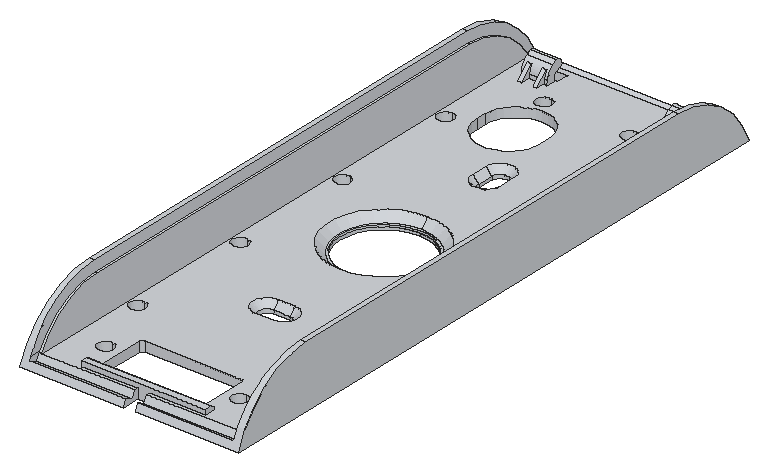
Revit family "Shower-Controler_Mounting_Bracket-KOHLER-DTV_Prompt-K-559", category Specialty Equipment, host Face, Revit 2022
Family settings
  Host = Face
  Round Connector Dimension = Use Diameter
  Part Type = Normal
  OmniClass Number = 23.31.25.00
  OmniClass Title = Toilet and Bath Specialties
  Cut with Voids When Loaded = No
  Maintain Annotation Orientation = No
  Shared = No
  Room Calculation Point = No
Parameters (values of type "CP-Polished Chrome")
  Width = 2 11/16"  # constant formula
  WaterSense Certified = 1 = 0  # no
  URL = "https://www.us.kohler.com/us/"
  Type = 1
  Product Page URL = "http://www.us.kohler.com/us/catalog/productDetails.jsp?productId=559"
  Product Name = "DTV Prompt"  # constant formula
  Product Documentation Link = "https://www.us.kohler.com/webassets/kpna/catalog/pdf/en/K-559_spec_US-CA_Kohler_en.pdf"
  Model = if(Type = 1, "K-559-CP", if(Type = 2, "K-559-SN", if(Type = 3, "K-559-BN", if(Type = 4, "K-559-BL", if(Type = 5, "K-559-2MB", if(Type = 6, "K-559-TT", "NA"))))))  # "K-559-CP"
  Material = "Premium Metal Construction"  # constant formula
  Master Format 2014 Name = "Toilet, Bath, and Laundry Accessories"  # constant formula
  Master Format 2014 = "10 28 00"  # constant formula
  Manufacturer Address = "444 Highland Dr, Kohler, WI 53044"  # constant formula
  Manufacturer = "Kohler Co."  # constant formula
  Length = 3/4"  # constant formula
  Height = 7 13/16"  # constant formula
  Finish = Kohler-Metal-CP-Polished_Chrome
  Environmental Product Declaration = ""
  Description = "interface mounting bracket"  # constant formula
  Default Elevation = 60"
  Declare Label = ""
  Date Modified = "04/05/2022"  # constant formula
  Date Created = "04/05/2022"  # constant formula
  Copyright = "Copyright Kohler Co."  # constant formula
  Contact Us = "https://www.us.kohler.com/us/static/contact.jsp"
  Assembly Code = "C1030200"
  ADA Compliant = 1 = 0  # no
Types (7): name | Type | Model | Finish
  (no name) | 1 | "K-559-CP" | Kohler-Metal-CP-Polished_Chrome
  CP-Polished Chrome | 1 | "K-559-CP" | Kohler-Metal-CP-Polished_Chrome
  SN-Vibrant Polished Nickel | 2 | "K-559-SN" | Kohler-Metal-SN-Vibrant_Polished_Nickel
  BN-Vibrant Brushed Nickel | 3 | "K-559-BN" | Kohler-Metal-BN-Vibrant_Brushed_Nickel
  BL-Matte Black | 4 | "K-559-BL" | Kohler-Metal-BL-Matte_Black
  2MB-Vibrant Brushed Moderne Brass | 5 | "K-559-2MB" | Kohler-Metal-2MB-Vibrant_Brushed_Moderne_Brass
  TT-Vibrant Titanium | 6 | "K-559-TT" | Kohler-Metal-TT-Vibrant_Titanium
Reference planes (in)
  plane 1 "Center (Front/Back)": y = 0
  plane 2: z = 0
  plane 3 "Center (Left/Right)": x = 0
  plane 4: x = -1.08268
  plane 5: x = -1.34375
  plane 6: x = 1.08268
  plane 7: x = 1.34375
  plane 8: y = 3.10947
  plane 9: y = -3.24141
  plane 10: y = 3.90625
  plane 11: y = -3.90625
  plane 12: z = 0.75
  plane 13: z = -0.03937
Forms (in)
  Extrusion 1, void
    sketch origin (0, 0, 0) x (1, 0, 0) y (0, 1, 0)
      loop
        circle (0, 0) r 0.72266
    from -0.0611 to 0.20387
Dimensions and locks (in)
  "Width": plane 5 to plane 7
  "Height": plane 11 to plane 10
  "Length": plane 12 to level
  aligned and locked: plane 2 to host face
  aligned and locked: level to host face
Automatic sketch dimensions
  host sketch curve to host sketch curve = 96"  (x2)
  plane 1 "Center (Front/Back)" to Extrusion 1 sketch curve = 0"
  Extrusion 1 sketch curve to plane 3 "Center (Left/Right)" = 0"
  radius of Extrusion 1 sketch curve = 185/256"
Nested families (in)
  nested 1: "K-559" at (0, 0, 0), type "K-559"
Definition of nested family "K-559"
  Parameters (values of type "K-559")
    Material = none
    Default Elevation = 0"
  Reference planes (in)
    plane 1 "Center (Front/Back)": y = 0
    plane 2: z = 0
    plane 3 "Center (Left/Right)": x = 0
    plane 4: x = -1.34375
    plane 5: x = 1.34375
    plane 6: y = 3.90625
    plane 7: y = -3.90625
    plane 8: z = 0.75
    plane 9: z = -0.03937
    plane 10: y = -3.24141
    plane 11: x = -1.08268
    plane 12: x = 1.08268
    plane 13: y = 3.10947
  Forms (in)
    Extrusion 1, solid, material <- "Material", detail levels medium+fine
      sketch origin (0, 0, 0) x (1, 0, 0) y (0, 0, 1)
        loop
          line (-1.34375, 0) -> (1.34375, 0) -> (1.3275, 0.75) -> (1.26338, 0.75) -> (1.25235, 0.11811) -> (-1.25235, 0.11811) -> (-1.26338, 0.75) -> (-1.3275, 0.75) -> (-1.34375, 0)
      from -3.90625 to 3.90625
    Extrusion 2, void
      sketch origin (0, 0, 0) x (0, 1, 0) y (0, 0, 1)
        loop
          line (-3.90625, 0.75) -> (-3.90625, 0)
          arc (-3.90625, 0) -> (-3.50338, 0.54315) -> (-2.85955, 0.75) r 1.10539
          line (-2.85955, 0.75) -> (-3.90625, 0.75)
        loop
          line (3.90625, 0.75) -> (2.85955, 0.75)
          arc (2.85955, 0.75) -> (3.50338, 0.54315) -> (3.90625, 0) r 1.10539
          line (3.90625, 0) -> (3.90625, 0.75)
      from -2.66535 to 1.70895
    Extrusion 3, void
      sketch origin (0, 0, 0) x (0, 1, 0) y (0, 0, 1)
        loop
          arc (-3.77565, 0.03708) -> (-3.75519, 0.07808) -> (-3.73289, 0.11811) r 1.01272
          line (-3.73289, 0.11811) -> (-3.85839, 0.11811)
          arc (-3.85839, 0.11811) -> (-3.86641, 0.10081) -> (-3.87413, 0.08338) r 1.10539
          line (-3.87413, 0.08338) -> (-3.77565, 0.03708)
        loop
          line (3.77565, 0.03708) -> (3.87413, 0.08338)
          arc (3.87413, 0.08338) -> (3.86641, 0.10081) -> (3.85839, 0.11811) r 1.10539
          line (3.85839, 0.11811) -> (3.73289, 0.11811)
          arc (3.73289, 0.11811) -> (3.75519, 0.07808) -> (3.77565, 0.03708) r 1.01272
      from -1.25234 to 1.25235
    Extrusion 4, solid, material <- "Material", detail levels medium+fine
      sketch origin (0, 0, 0) x (0, 1, 0) y (0, 0, 1)
        loop
          line (2.85955, 0.61811) -> (-2.85955, 0.61811)
          arc (-2.85955, 0.61811) -> (-3.36272, 0.48426) -> (-3.73289, 0.11811) r 1.01272
          line (-3.73289, 0.11811) -> (3.73289, 0.11811)
          arc (3.73289, 0.11811) -> (3.36272, 0.48426) -> (2.85955, 0.61811) r 1.01272
      from -1.27794 to -1.19562
    Extrusion 5, solid, material <- "Material", detail levels medium+fine
      sketch origin (0, 0, 0) x (0, 1, 0) y (0, 0, -1)
        loop
          arc (2.85955, -0.61811) -> (3.36272, -0.48426) -> (3.73289, -0.11811) r 1.01272
          line (3.73289, -0.11811) -> (-3.73289, -0.11811)
          arc (-3.73289, -0.11811) -> (-3.36272, -0.48426) -> (-2.85955, -0.61811) r 1.01272
          line (-2.85955, -0.61811) -> (2.85955, -0.61811)
      from -1.27794 to -1.18874
    Extrusion 6, void
      sketch origin (0, 0, 0) x (1, 0, 0) y (0, 0, 1)
        loop
          line (-1.2307, 0.6364) -> (-1.21219, 0.10639) -> (-1.17626, 0.10639) -> (-1.17626, 0.6364) -> (-1.2307, 0.6364)
        loop
          line (1.2307, 0.6364) -> (1.17626, 0.6364) -> (1.17626, 0.10639) -> (1.21219, 0.10639) -> (1.2307, 0.6364)
      from -4.20189 to 4.26106
    Extrusion 7, solid, material <- "Material", detail levels medium+fine
      sketch origin (0, 0, 0) x (0, 1, 0) y (0, 0, 1)
        loop
          line (-3.6122, 0.17716) -> (-3.69094, 0.17716) -> (-3.69094, 0.11132) -> (-3.56063, 0.11132) -> (-3.56063, 0.14278) -> (-3.6122, 0.17716)
      from -0.75653 to 0.75781
    Extrusion 8, solid, material <- "Material", detail levels medium+fine
      sketch origin (0, 0, 0) x (0, 1, 0) y (0, 0, 1)
        loop
          line (3.52644, 0.21673) -> (3.61314, 0.25901) -> (3.5872, 0.31219)
          arc (3.5872, 0.31219) -> (3.5647, 0.3321) -> (3.5347, 0.33027) r 0.03926
          line (3.5347, 0.33027) -> (3.47861, 0.30291)
          arc (3.47861, 0.30291) -> (3.41634, 0.2483) -> (3.3904, 0.16964) r 0.15744
          line (3.3904, 0.16964) -> (3.38739, 0.11226) -> (3.48582, 0.11226) -> (3.48827, 0.15906)
          arc (3.48827, 0.15906) -> (3.4995, 0.1931) -> (3.52644, 0.21673) r 0.06813
      from -1.02345 to -0.70883
    Extrusion 9, solid, material <- "Material", detail levels medium+fine
      sketch origin (0, 0, 0) x (0, 1, 0) y (0, 0, -1)
        loop
          arc (3.52644, -0.21673) -> (3.4995, -0.1931) -> (3.48827, -0.15906) r 0.06813
          line (3.48827, -0.15906) -> (3.48582, -0.11226) -> (3.38739, -0.11226) -> (3.3904, -0.16964)
          arc (3.3904, -0.16964) -> (3.41634, -0.2483) -> (3.47861, -0.30291) r 0.15744
          line (3.47861, -0.30291) -> (3.5347, -0.33027)
          arc (3.5347, -0.33027) -> (3.5647, -0.3321) -> (3.5872, -0.31219) r 0.03926
          line (3.5872, -0.31219) -> (3.61314, -0.25901) -> (3.52644, -0.21673)
      from -1.02345 to -0.70883
    Revolve 10, solid, material <- "Material"
      sketch origin (0, 0, 0) x (0, 1, 0) y (0, 0, 1)
        loop
          line (0, 0) -> (0, -0.03937) -> (0.59058, -0.03937) -> (0.62995, 0) -> (0, 0)
        axis (0, 0) -> (0, -0.03937)
      angle from 0 to 360
    Extrusion 11, void
      sketch origin (0, 0, 0) x (1, 0, 0) y (0, 1, 0)
        loop
          circle (-1.08268, 2.29331) r 0.09844
        loop
          circle (-0.52531, 3.10947) r 0.09844
        loop
          circle (0.52531, 3.10947) r 0.09844
        loop
          circle (1.08268, 2.29331) r 0.09844
        loop
          circle (-1.08268, 0.7185) r 0.09844
        loop
          circle (1.08268, 0.7185) r 0.09844
        loop
          circle (1.08268, -0.8563) r 0.09844
        loop
          circle (-1.08268, -0.8563) r 0.09844
        loop
          circle (-1.08268, -2.4311) r 0.09844
        loop
          circle (1.08268, -2.4311) r 0.09844
        loop
          circle (0.8212, -3.24803) r 0.09844
        loop
          circle (-0.8212, -3.24803) r 0.09844
        loop
          arc (-0.63575, -3.52276) -> (-0.62809, -3.54125) -> (-0.6096, -3.54891) r 0.02615
          line (-0.6096, -3.54891) -> (0.6084, -3.54891)
          arc (0.6084, -3.54891) -> (0.62774, -3.54091) -> (0.63575, -3.52157) r 0.02734
          line (0.63575, -3.52157) -> (0.63575, -2.97224)
          arc (0.63575, -2.97224) -> (0.62488, -2.94599) -> (0.59863, -2.93512) r 0.03712
          line (0.59863, -2.93512) -> (-0.59669, -2.93512)
          arc (-0.59669, -2.93512) -> (-0.62431, -2.94656) -> (-0.63575, -2.97418) r 0.03906
          line (-0.63575, -2.97418) -> (-0.63575, -3.52276)
        loop
          line (-0.82677, 2.57087) -> (-0.82677, 2.45276)
          arc (-0.82677, 2.45276) -> (-0.43307, 2.05906) -> (-0.03937, 2.45276) r 0.3937
          line (-0.03937, 2.45276) -> (-0.03937, 2.57087)
          arc (-0.03937, 2.57087) -> (-0.43307, 2.96457) -> (-0.82677, 2.57087) r 0.3937
        loop
          line (-0.09843, -1.75815) -> (0.09843, -1.75815)
          arc (0.09843, -1.75815) -> (0.18335, -1.67323) -> (0.09843, -1.58831) r 0.08492
          line (0.09843, -1.58831) -> (-0.09843, -1.58831)
          arc (-0.09843, -1.58831) -> (-0.18335, -1.67323) -> (-0.09843, -1.75815) r 0.08492
        loop
          line (0.08492, 1.5748) -> (0.08492, 1.77165)
          arc (0.08492, 1.77165) -> (0, 1.85658) -> (-0.08492, 1.77165) r 0.08492
          line (-0.08492, 1.77165) -> (-0.08492, 1.5748)
          arc (-0.08492, 1.5748) -> (0, 1.48988) -> (0.08492, 1.5748) r 0.08492
        loop
          line (-0.66929, 3.64773) -> (-1.06299, 3.64773) -> (-1.06299, 3.49544) -> (-0.66929, 3.49544) -> (-0.66929, 3.64773)
        loop
          line (0.66929, 3.64773) -> (0.66929, 3.49544) -> (1.06299, 3.49544) -> (1.06299, 3.64773) -> (0.66929, 3.64773)
      from -0.19427 to 0.16158
    Revolve 12, void
      sketch origin (0, 0, 0) x (0, 1, 0) y (0, 0, 1)
        loop
          line (0, 0.12592) -> (-0.67732, 0.12592) -> (-0.57142, 0.02002) -> (-0.54067, 0.02002) -> (-0.54067, -0.04947) -> (0, -0.04947) -> (0, 0.12592)
        axis (0, 0.12592) -> (0, -0.04947)
      angle from 0 to 360
    Sweep 13, void
      path origin (0, 0, 0) x (1, 0, 0) y (0, 1, 0)
        loop
          line (-0.09843, -1.77165) -> (0.09843, -1.77165)
          arc (0.09843, -1.77165) -> (0.19685, -1.67323) -> (0.09843, -1.5748) r 0.09843
          line (0.09843, -1.5748) -> (-0.09843, -1.5748)
          arc (-0.09843, -1.5748) -> (-0.19685, -1.67323) -> (-0.09843, -1.77165) r 0.09843
      profile origin (0, -1.77165, 0) x (0, 1, 0) y (0, 0, 1)
        loop
          line (0, 0.03937) -> (0, -0.05056) -> (0.0135, -0.01998) -> (0.0135, 0.12363) -> (-0.08426, 0.12363) -> (0, 0.03937)
    Sweep 14, void
      path origin (0, 0, 0) x (1, 0, 0) y (0, -1, 0)
        loop
          line (-0.09843, -1.5748) -> (-0.09843, -1.77165)
          arc (-0.09843, -1.77165) -> (0, -1.87008) -> (0.09843, -1.77165) r 0.09843
          line (0.09843, -1.77165) -> (0.09843, -1.5748)
          arc (0.09843, -1.5748) -> (0, -1.47638) -> (-0.09843, -1.5748) r 0.09843
      profile origin (-0.09843, 1.67323, 0) x (-1, 0, 0) y (0, 0, 1)
        loop
          line (0, 0.03937) -> (0.08426, 0.12363) -> (-0.0135, 0.12363) -> (-0.0135, -0.01998) -> (0, -0.05056) -> (0, 0.03937)
    Extrusion 15, solid, material <- "Material", detail levels medium+fine
      sketch origin (0, 0, 0) x (0, 1, 0) y (0, 0, 1)
        loop
          line (3.42609, 0.11811) -> (3.42609, 0.26148) -> (3.28272, 0.11811) -> (3.42609, 0.11811)
      from -0.98408 to -0.93324
    Extrusion 16, solid, material <- "Material", detail levels medium+fine
      sketch origin (0, 0, 0) x (0, 1, 0) y (0, 0, 1)
        loop
          line (3.42609, 0.11811) -> (3.42609, 0.26148) -> (3.28272, 0.11811) -> (3.42609, 0.11811)
      from -0.79904 to -0.7482
    Extrusion 17, solid, material <- "Material", detail levels medium+fine
      sketch origin (0, 0, 0) x (0, 1, 0) y (0, 0, -1)
        loop
          line (3.42609, -0.11811) -> (3.28272, -0.11811) -> (3.42609, -0.26148) -> (3.42609, -0.11811)
      from -0.98408 to -0.93324
    Extrusion 18, solid, material <- "Material", detail levels medium+fine
      sketch origin (0, 0, 0) x (0, 1, 0) y (0, 0, -1)
        loop
          line (3.42609, -0.11811) -> (3.28272, -0.11811) -> (3.42609, -0.26148) -> (3.42609, -0.11811)
      from -0.79904 to -0.7482
    Extrusion 19, void
      sketch origin (0, 0, 0) x (1, 0, 0) y (0, 1, 0)
        loop
          line (-0.07116, -3.96309) -> (0.07116, -3.96309) -> (0.07116, -3.69094) -> (-0.07116, -3.69094) -> (-0.07116, -3.96309)
      from 0.1931 to 0
    Extrusion 20, solid, material <- "Material", detail levels coarse
      sketch origin (0, 0, 0) x (1, 0, 0) y (0, 0, 1)
        loop
          line (-1.3275, 0.75) -> (-1.34375, 0) -> (1.34375, 0) -> (1.3275, 0.75) -> (1.2291, 0.75) -> (1.19675, 0.13281) -> (-1.19675, 0.13281) -> (-1.2291, 0.75) -> (-1.3275, 0.75)
      from -3.90625 to 3.90625
    Extrusion 21, void
      sketch origin (0, 0, 0) x (0, 1, 0) y (0, 0, 1)
        loop
          line (3.90625, 0) -> (3.90625, 0.75) -> (3.15625, 0.75) -> (3.90625, 0)
        loop
          line (-3.90625, 0) -> (-3.15625, 0.75) -> (-3.90625, 0.75) -> (-3.90625, 0)
      from -2.24964 to 2.27024
  Cuts and joins
    Extrusion 2, Extrusion 3, Extrusion 11, Revolve 12, Sweep 13, Sweep 14, Extrusion 19 cuts Extrusion 1
    Extrusion 6 cuts Extrusion 4
    Extrusion 6 cuts Extrusion 5
    joined: Extrusion 1, Extrusion 4, Extrusion 5, Extrusion 7, Extrusion 8, Extrusion 9, Extrusion 15, Extrusion 16, Extrusion 17, Extrusion 18
    Extrusion 21 cuts Extrusion 20
    Revolve 12 cuts Revolve 10
  Lines and regions (in)
    Masking region 1
      outline origin (0, 0, 0) x (0, 1, 0) y (0, 0, 1)
        loop
          line (-3.90625, 0) -> (-0.62995, 0) -> (-0.59058, -0.03937) -> (0.59058, -0.03937) -> (0.62995, 0) -> (3.90625, 0)
          arc (3.90625, 0) -> (3.50338, 0.54315) -> (2.85955, 0.75) r 1.10539
          line (2.85955, 0.75) -> (-2.85955, 0.75)
          arc (-2.85955, 0.75) -> (-3.50338, 0.54315) -> (-3.90625, 0) r 1.10539
    Masking region 2
      outline origin (0, 0, 0) x (1, 0, 0) y (0, 0, 1)
        loop
          line (-1.34375, 0) -> (-0.62995, 0) -> (-0.59058, -0.03937) -> (0, -0.03937) -> (0.59058, -0.03937) -> (0.62995, 0) -> (1.34375, 0) -> (1.3275, 0.75) -> (1.26338, 0.75) -> (1.26108, 0.61811) -> (1.23006, 0.61811) -> (1.2126, 0.11811) -> (1.02345, 0.11811) -> (1.02345, 0.33424) -> (0.70883, 0.33424) -> (0.70883, 0.17716) -> (0, 0.17716) -> (-0.70883, 0.17716) -> (-0.70883, 0.33424) -> (-1.02345, 0.33424) -> (-1.02345, 0.11811) -> (-1.2126, 0.11811) -> (-1.23006, 0.61811) -> (-1.26108, 0.61811) -> (-1.26338, 0.75) -> (-1.3275, 0.75) -> (-1.34375, 0)
    Masking region 3
      outline origin (0, 0, 0) x (1, 0, 0) y (0, 1, 0)
        loop
          line (-1.34375, -3.90625) -> (-0.07116, -3.90625) -> (-0.07116, -3.69094) -> (0.07116, -3.69094) -> (0.07116, -3.90625) -> (1.34375, -3.90625) -> (1.34375, 3.90625) -> (-1.34375, 3.90625) -> (-1.34375, -3.90625)
        loop
          line (-1.02345, 3.61314) -> (-0.70883, 3.61314) -> (-0.70883, 3.49544) -> (-0.66929, 3.49544) -> (-0.66929, 3.64773) -> (-1.06299, 3.64773) -> (-1.06299, 3.49544) -> (-1.02345, 3.49544) -> (-1.02345, 3.61314)
        loop
          line (1.02345, 3.61314) -> (1.02345, 3.49544) -> (1.06299, 3.49544) -> (1.06299, 3.64773) -> (0.66929, 3.64773) -> (0.66929, 3.49544) -> (0.70883, 3.49544) -> (0.70883, 3.61314) -> (1.02345, 3.61314)
        loop
          circle (-0.52531, 3.10947) r 0.09844
        loop
          circle (0.52531, 3.10947) r 0.09844
        loop
          circle (1.08268, 2.29331) r 0.09844
        loop
          arc (-0.03937, 2.57087) -> (-0.43307, 2.96457) -> (-0.82677, 2.57087) r 0.3937
          line (-0.82677, 2.57087) -> (-0.82677, 2.45276)
          arc (-0.82677, 2.45276) -> (-0.43307, 2.05906) -> (-0.03937, 2.45276) r 0.3937
          line (-0.03937, 2.45276) -> (-0.03937, 2.57087)
        loop
          circle (-1.08268, 2.29331) r 0.09844
        loop
          line (-0.09843, 1.77165) -> (-0.09843, 1.5748)
          arc (-0.09843, 1.5748) -> (0, 1.47638) -> (0.09843, 1.5748) r 0.09843
          line (0.09843, 1.5748) -> (0.09843, 1.77165)
          arc (0.09843, 1.77165) -> (0, 1.87008) -> (-0.09843, 1.77165) r 0.09843
        loop
          circle (-1.08268, 0.7185) r 0.09844
        loop
          circle (1.08268, 0.7185) r 0.09844
        loop
          circle (0, 0) r 0.59058
        loop
          circle (-1.08268, -0.8563) r 0.09844
        loop
          circle (1.08268, -0.8563) r 0.09844
        loop
          line (0.09843, -1.5748) -> (-0.09843, -1.5748)
          arc (-0.09843, -1.5748) -> (-0.19685, -1.67323) -> (-0.09843, -1.77165) r 0.09843
          line (-0.09843, -1.77165) -> (0.09843, -1.77165)
          arc (0.09843, -1.77165) -> (0.19685, -1.67323) -> (0.09843, -1.5748) r 0.09843
        loop
          circle (-1.08268, -2.4311) r 0.09844
        loop
          circle (1.08268, -2.4311) r 0.09844
        loop
          circle (-0.8212, -3.24803) r 0.09844
        loop
          circle (0.8212, -3.24803) r 0.09844
        loop
          arc (0.59669, -3.56063) -> (0.62431, -3.54919) -> (0.63575, -3.52157) r 0.03906
          line (0.63575, -3.52157) -> (0.63575, -2.97418)
          arc (0.63575, -2.97418) -> (0.62431, -2.94656) -> (0.59669, -2.93512) r 0.03906
          line (0.59669, -2.93512) -> (-0.5978, -2.93512)
          arc (-0.5978, -2.93512) -> (-0.62464, -2.94623) -> (-0.63575, -2.97306) r 0.03794
          line (-0.63575, -2.97306) -> (-0.63575, -3.52157)
          arc (-0.63575, -3.52157) -> (-0.62431, -3.54919) -> (-0.59669, -3.56063) r 0.03906
          line (-0.59669, -3.56063) -> (0.59669, -3.56063)
    symbolic lines, detail levels medium+fine
      curve 1: line (0, 0.62995, 0) -> (0, -0.62995, 0)
      curve 2: line (-0.62995, 0, 0) -> (0.62995, 0, 0)
      curve 3: line (-1.26108, 0, 0.61811) -> (-1.25441, 0, 0.20975)
      curve 4: line (-1.12596, 0, 0.08338) -> (-0.07116, 0, 0.08338)
      curve 5: arc (-1.25441, 0, 0.20975) -> (-1.21605, 0, 0.12027) -> (-1.12596, 0, 0.08338) r 0.12846
      curve 6: line (-1.02345, 0, 0.11811) -> (-0.07116, 0, 0.11811)
      curve 7: line (-0.70883, 0, 0.17716) -> (-0.70883, 0, 0.11811)
      curve 8: line (-0.07116, 0, 0) -> (-0.07116, 0, 0.11811)
      curve 9: line (-0.98408, 0, 0.11811) -> (-0.98408, 0, 0.26148)
      curve 10: line (-0.98408, 0, 0.26148) -> (-0.93324, 0, 0.26148)
      curve 11: line (-0.93324, 0, 0.26148) -> (-0.93324, 0, 0.11811)
      curve 12: line (-0.79904, 0, 0.26148) -> (-0.79904, 0, 0.11811)
      curve 13: line (-0.7482, 0, 0.11811) -> (-0.7482, 0, 0.26148)
      curve 14: line (-0.79904, 0, 0.26148) -> (-0.7482, 0, 0.26148)
      curve 15: line (1.26108, 0, 0.61811) -> (1.25441, 0, 0.20975)
      curve 16: line (1.12596, 0, 0.08338) -> (0.07116, 0, 0.08338)
      curve 17: arc (1.25441, 0, 0.20975) -> (1.21605, 0, 0.12027) -> (1.12596, 0, 0.08338) r 0.12846
      curve 18: line (1.02345, 0, 0.11811) -> (0.07116, 0, 0.11811)
      curve 19: line (0.70883, 0, 0.17716) -> (0.70883, 0, 0.11811)
      curve 20: line (0.07116, 0, 0) -> (0.07116, 0, 0.11811)
      curve 21: line (0.98408, 0, 0.11811) -> (0.98408, 0, 0.26148)
      curve 22: line (0.98408, 0, 0.26148) -> (0.93324, 0, 0.26148)
      curve 23: line (0.93324, 0, 0.26148) -> (0.93324, 0, 0.11811)
      curve 24: line (0.79904, 0, 0.26148) -> (0.79904, 0, 0.11811)
      curve 25: line (0.7482, 0, 0.11811) -> (0.7482, 0, 0.26148)
      curve 26: line (0.79904, 0, 0.26148) -> (0.7482, 0, 0.26148)
      curve 27: line (-0.07116, -3.87413, 0) -> (-1.15881, -3.87413, 0)
      curve 28: line (-1.25174, -3.77679, 0) -> (-1.25174, 3.77679, 0)
      curve 29: line (-0.07116, -3.77565, 0) -> (-1.19905, -3.77565, 0)
      curve 30: arc (-1.19905, -3.77565, 0) -> (-1.23292, -3.76368, 0) -> (-1.25174, -3.73308, 0) r 0.05389
      curve 31: arc (-1.15881, -3.87413, 0) -> (-1.22478, -3.84408, 0) -> (-1.25174, -3.77679, 0) r 0.09744
      curve 32: line (-0.07116, -3.69094, 0) -> (-0.75653, -3.69094, 0)
      curve 33: line (-0.75653, -3.69094, 0) -> (-0.75653, -3.56063, 0)
      curve 34: line (-0.75653, -3.56063, 0) -> (0.75653, -3.56063, 0)
      curve 35: arc (-0.09843, -1.85039, 0) -> (-0.27559, -1.67323, 0) -> (-0.09843, -1.49606, 0) r 0.17717
      curve 36: arc (0.09843, -1.49606, 0) -> (0.27559, -1.67323, 0) -> (0.09843, -1.85039, 0) r 0.17717
      curve 37: line (-0.09843, -1.49606, 0) -> (0.09843, -1.49606, 0)
      curve 38: line (-0.17717, 1.5748, 0) -> (-0.17717, 1.77165, 0)
      curve 39: arc (0.17717, 1.5748, 0) -> (0, 1.39764, 0) -> (-0.17717, 1.5748, 0) r 0.17717
      curve 40: line (0.17717, 1.77165, 0) -> (0.17717, 1.5748, 0)
      curve 41: arc (-0.17717, 1.77165, 0) -> (0, 1.94882, 0) -> (0.17717, 1.77165, 0) r 0.17717
      curve 42: line (-0.09843, 1.77165, 0) -> (-0.09843, 1.5748, 0)
      curve 43: line (-0.98408, 3.3877, 0) -> (-1.02345, 3.3877, 0)
      curve 44: line (-0.79904, 3.3877, 0) -> (-0.93324, 3.3877, 0)
      curve 45: line (-0.70883, 3.3877, 0) -> (-0.7482, 3.3877, 0)
      curve 46: line (-0.7482, 3.28272, 0) -> (-0.7482, 3.42609, 0)
      curve 47: line (-0.79904, 3.42609, 0) -> (-0.79904, 3.28272, 0)
      curve 48: line (-0.79904, 3.42609, 0) -> (-0.7482, 3.42609, 0)
      curve 49: line (-0.7482, 3.28272, 0) -> (-0.79904, 3.28272, 0)
      curve 50: line (-0.93324, 3.28272, 0) -> (-0.98408, 3.28272, 0)
      curve 51: line (-0.98408, 3.42609, 0) -> (-0.93324, 3.42609, 0)
      curve 52: line (-0.98408, 3.42609, 0) -> (-0.98408, 3.28272, 0)
      curve 53: line (-0.70883, 3.61314, 0) -> (-1.02345, 3.61314, 0)
      curve 54: line (-0.93324, 3.28272, 0) -> (-0.93324, 3.42609, 0)
      curve 55: line (0.09843, -1.85039, 0) -> (-0.09843, -1.85039, 0)
      curve 56: line (-0.0319, 3.87413, 0) -> (-1.14979, 3.87413, 0)
      curve 57: line (-0.04976, 3.77565, 0) -> (-1.19905, 3.77565, 0)
      curve 58: arc (-1.19905, 3.77565, 0) -> (-1.23292, 3.76368, 0) -> (-1.25174, 3.73308, 0) r 0.05389
      curve 59: arc (-1.14979, 3.87413, 0) -> (-1.22159, 3.84727, 0) -> (-1.25174, 3.77679, 0) r 0.09744
      curve 60: line (-1.02345, 3.3877, 0) -> (-1.02345, 3.49544, 0)
      curve 61: line (-0.70883, 3.3877, 0) -> (-0.70883, 3.49544, 0)
      curve 62: line (1.02345, 3.61314, 0) -> (1.02345, 3.3877, 0)
      curve 63: line (0.98408, 3.3877, 0) -> (1.02345, 3.3877, 0)
      curve 64: line (0.79904, 3.3877, 0) -> (0.93324, 3.3877, 0)
      curve 65: line (0.70883, 3.3877, 0) -> (0.7482, 3.3877, 0)
      curve 66: line (0.7482, 3.28272, 0) -> (0.7482, 3.42609, 0)
      curve 67: line (0.79904, 3.42609, 0) -> (0.79904, 3.28272, 0)
      curve 68: line (0.79904, 3.42609, 0) -> (0.7482, 3.42609, 0)
      curve 69: line (0.7482, 3.28272, 0) -> (0.79904, 3.28272, 0)
      curve 70: line (0.93324, 3.28272, 0) -> (0.98408, 3.28272, 0)
      curve 71: line (0.98408, 3.42609, 0) -> (0.93324, 3.42609, 0)
      curve 72: line (0.98408, 3.42609, 0) -> (0.98408, 3.28272, 0)
      curve 73: line (0.70883, 3.61314, 0) -> (1.02345, 3.61314, 0)
      curve 74: line (0.93324, 3.28272, 0) -> (0.93324, 3.42609, 0)
      curve 75: line (-0.0319, 3.87413, 0) -> (1.14979, 3.87413, 0)
      curve 76: line (-0.04976, 3.77565, 0) -> (1.19905, 3.77565, 0)
      curve 77: arc (1.19905, 3.77565, 0) -> (1.23292, 3.76368, 0) -> (1.25174, 3.73308, 0) r 0.05389
      curve 78: arc (1.14979, 3.87413, 0) -> (1.22159, 3.84727, 0) -> (1.25174, 3.77679, 0) r 0.09744
      curve 79: line (0.70883, 3.3877, 0) -> (0.70883, 3.49544, 0)
      curve 80: line (1.25174, -3.77679, 0) -> (1.25174, 3.77679, 0)
      curve 81: arc (1.19905, -3.77565, 0) -> (1.23292, -3.76368, 0) -> (1.25174, -3.73308, 0) r 0.05389
      curve 82: arc (1.15881, -3.87413, 0) -> (1.22478, -3.84408, 0) -> (1.25174, -3.77679, 0) r 0.09744
      curve 83: line (0.75653, -3.69094, 0) -> (0.75653, -3.56063, 0)
      curve 84: line (0.07116, -3.87413, 0) -> (1.15881, -3.87413, 0)
      curve 85: line (0.07116, -3.77565, 0) -> (1.19905, -3.77565, 0)
      curve 86: line (0.07116, -3.69094, 0) -> (0.75653, -3.69094, 0)
      curve 87: circle (0, 0, 0) r 0.66951 normal (0, 0, 1)
  Dimensions and locks (in)
    locked: plane 4 to plane 5 at 2.6875
    locked: plane 6 to plane 7 at 7.8125
    plane 8 to level = 3/4"
    aligned and locked: plane 2 to level
